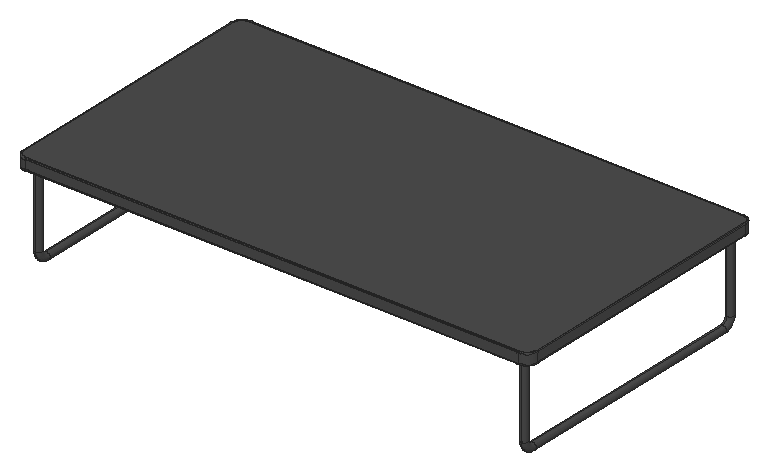
Revit family "Akt Table Double", category Generic Models, Revit 2018
Family settings
  Can host rebar = No
  Round Connector Dimension = Use Diameter
  Part Type = Normal
  Work Plane-Based = No
  Always vertical = Yes
  Cut with Voids When Loaded = No
  Shared = No
  Room Calculation Point = No
Reference planes (in)
  plane 1 "Center (Front/Back)": y = 0
  plane 2: z = 0
  plane 3 "Center (Left/Right)": x = 0
Forms (in)
  Extrusion 1, solid, material "Akt Frame Black"
    sketch origin (0, 0, 0) x (1, 0, 0) y (0, 1, 0)
      loop
        arc (-22.5, 13.75) -> (-22.71967, 14.28033) -> (-23.25, 14.5) r 0.75
        line (-23.25, 14.5) -> (-25.75, 14.5)
        arc (-25.75, 14.5) -> (-26.28033, 14.28033) -> (-26.5, 13.75) r 0.75
        line (-26.5, 13.75) -> (-26.5, -13.75)
        arc (-26.5, -13.75) -> (-26.28033, -14.28033) -> (-25.75, -14.5) r 0.75
        line (-25.75, -14.5) -> (-23.25, -14.5)
        arc (-23.25, -14.5) -> (-22.71967, -14.28033) -> (-22.5, -13.75) r 0.75
        line (-22.5, -13.75) -> (-22.5, 13.75)
    from 9.05316 to 9.17127
  Sweep 2, solid, material "Akt Frame Black"
    path origin (0, 0, 0) x (0, 1, 0) y (0, 0, 1)
      loop
        line (13.12534, 9.05316) -> (13.12534, 1.3759)
        arc (13.12534, 1.3759) -> (12.94201, 0.93332) -> (12.49944, 0.75) r 0.6259
        line (12.49944, 0.75) -> (-12.49944, 0.75)
        arc (-12.49944, 0.75) -> (-12.94201, 0.93332) -> (-13.12534, 1.3759) r 0.6259
        line (-13.12534, 1.3759) -> (-13.12534, 9.05316)
    profile origin (0, 13.12534, 5.21453) x (1, 0, 0) y (0, 1, 0)
      loop
        circle (-25.5, 0.375) r 0.375
  Extrusion 3, solid, material "Akt Frame Black"
    sketch origin (0, 0, 0) x (-1, 0, 0) y (0, -1, 0)
      loop
        line (-22.5, -13.75) -> (-22.5, 13.75)
        arc (-22.5, 13.75) -> (-22.71967, 14.28033) -> (-23.25, 14.5) r 0.75
        line (-23.25, 14.5) -> (-25.75, 14.5)
        arc (-25.75, 14.5) -> (-26.28033, 14.28033) -> (-26.5, 13.75) r 0.75
        line (-26.5, 13.75) -> (-26.5, -13.75)
        arc (-26.5, -13.75) -> (-26.28033, -14.28033) -> (-25.75, -14.5) r 0.75
        line (-25.75, -14.5) -> (-23.25, -14.5)
        arc (-23.25, -14.5) -> (-22.71967, -14.28033) -> (-22.5, -13.75) r 0.75
    from 9.05316 to 9.17127
  Sweep 4, solid, material "Akt Frame Black"
    path origin (12.25, 0, 0) x (0, 1, 0) y (0, 0, -1)
      loop
        line (13.12534, -9.05316) -> (13.12534, -1.3759)
        arc (13.12534, -1.3759) -> (12.94201, -0.93332) -> (12.49944, -0.75) r 0.6259
        line (12.49944, -0.75) -> (-12.49944, -0.75)
        arc (-12.49944, -0.75) -> (-12.94201, -0.93332) -> (-13.12534, -1.3759) r 0.6259
        line (-13.12534, -1.3759) -> (-13.12534, -9.05316)
    profile origin (12.25, 13.12534, 5.21453) x (-1, 0, 0) y (0, -1, 0)
      loop
        circle (-13.25, -0.375) r 0.375
  Extrusion 5, solid, material "Akt Frame Black"
    sketch origin (0, 0, 0) x (1, 0, 0) y (0, 1, 0)
      loop
        line (25.875, 14.63189) -> (-25.875, 14.63189)
        arc (-25.875, 14.63189) -> (-26.58698, 14.33698) -> (-26.88189, 13.625) r 1.00689
        line (-26.88189, 13.625) -> (-26.88189, -13.625)
        arc (-26.88189, -13.625) -> (-26.58698, -14.33698) -> (-25.875, -14.63189) r 1.00689
        line (-25.875, -14.63189) -> (25.875, -14.63189)
        arc (25.875, -14.63189) -> (26.58698, -14.33698) -> (26.88189, -13.625) r 1.00689
        line (26.88189, -13.625) -> (26.88189, 13.625)
        arc (26.88189, 13.625) -> (26.58698, 14.33698) -> (25.875, 14.63189) r 1.00689
    from 9.17127 to 10.37127
  Sweep 6, solid, material "Akt Frame Black"
    path origin (0, 0, 0) x (1, 0, 0) y (0, 1, 0)
      loop
        line (25.875, 14.63189) -> (-25.875, 14.63189)
        arc (-25.875, 14.63189) -> (-26.58698, 14.33698) -> (-26.88189, 13.625) r 1.00689
        line (-26.88189, 13.625) -> (-26.88189, -13.625)
        arc (-26.88189, -13.625) -> (-26.58698, -14.33698) -> (-25.875, -14.63189) r 1.00689
        line (-25.875, -14.63189) -> (25.875, -14.63189)
        arc (25.875, -14.63189) -> (26.58698, -14.33698) -> (26.88189, -13.625) r 1.00689
        line (26.88189, -13.625) -> (26.88189, 13.625)
        arc (26.88189, 13.625) -> (26.58698, 14.33698) -> (25.875, 14.63189) r 1.00689
    profile origin (0, 14.63189, 0) x (0, -1, 0) y (0, 0, 1)
      loop
        line (0, 9.17127) -> (0, 10.37127)
        arc (0, 10.37127) -> (-0.08352, 10.33668) -> (-0.11811, 10.25316) r 0.11811
        line (-0.11811, 10.25316) -> (-0.11811, 9.28938)
        arc (-0.11811, 9.28938) -> (-0.08352, 9.20587) -> (0, 9.17127) r 0.11811
Dimensions and locks (in)
  aligned and locked: plane 2 to level
